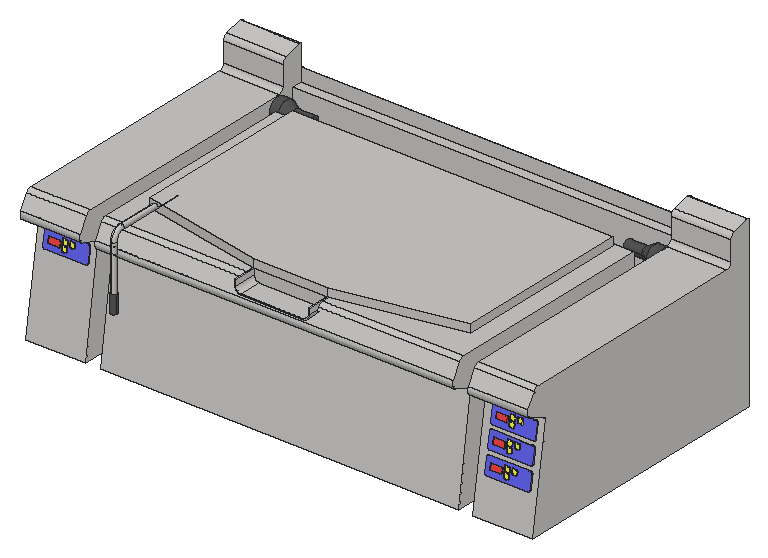
Revit family "QF_CAPIC_PILOTE_W296612", category Equipement spécialisé, Revit 2018
Family settings
  Cote de connecteur circulaire = Utiliser le diamètre
  Type d'élément = Normal
  Numéro OmniClass = 23.40.40.14
  Titre OmniClass = Food Service Equipment
  Basée sur le plan de construction = Non
  Toujours verticalement = Oui
  Couper avec des vides une fois chargée = Non
  Partagée = Non
  Point de calcul de pièce = Non
Parameters (values of type "1700 x 925 x 450 mm")
  URL catalogue = "http://www.capic-fr.com/fr/"
  Type de Raccord Plomberie [instance] = "Raccord 15/21"
  Type de Raccord Electrique [instance] = "Bornier interne"
  Type de Gaz = ""
  Type article [instance] = ""
  Tension = 230 V
  Spécification du Fabricant = ""
  Show Logo [instance] = yes
  Remarques evacuation [instance] = "Ecoulement dans caniveau"
  Remarques Plomberie [instance] = "Eau chaude + froide"
  Remarques Electricité [instance] = "230V x1 +T"
  Puissance électrique  = 500 W
  Puissance Gaz kW = 25
  Profondeur hors tout = 925 mm
  Pression Maximum Eau Adoucie = 0.0 Pa
  Pos Bec = Longueur hors tout / 2  # 850 mm
  Poids net à vide = 330.00 kg
  Pieds (Option X296001) [instance] = no
  Phase = 3
  Modèle = "W296612"
  Longueur hors tout = 1700 mm
  Intensité nominale = 0 A
  Hauteur hors tout = 570 mm
  Hauteur de Raccordement du Sol Finis = 550 mm
  Hauteur de Raccordement Gaz du Sol Finis = 400 mm
  Hauteur de Raccordement Evacuation Directe du Sol Finis = 0 mm
  Hauteur de Raccordement Eau Froide du Sol Finis = 600 mm
  Hauteur de Raccordement Eau Chaude du Sol Finis = 600 mm
  Hauteur de Raccordement Eau Adoucie du Sol Finis = 0 mm
  Fréquence = 50 Hz
  Fabricant = "CAPIC"
  Débit d'air d'extraction = 1350.0 m³/h
  Débit Gaz = 0.0 L/s
  Débit Eau Froide = 0.0 L/s
  Débit Eau Chaude = 0.0 L/s
  Débit Eau Adoucie = 0.0 L/s
  Diamètre de Raccordement Gaz = 20 mm
  Diamètre de Raccordement Evacuation = 0 mm
  Diamètre de Raccordement Eau Froide = 15 mm
  Diamètre de Raccordement Eau Chaude = 15 mm
  Diamètre de Raccordement Eau Adoucie = 0 mm
  Description = "Sauteuse multifonction 60dm2"
  Assembly Code = ""
  Classification  Omniclass nombre et titre = "23.40.40.14"
Reference planes
  plane 1 "Centre (avant/arrière)": y = 0
  plane 2: z = 0
  plane 3 "Centre (gauche/droite)": x = 1000
  plane 4: x = 1200
  plane 5: x = 2500
  plane 6: x = 2700
  plane 7: x = 1000
  plane 8: x = 1250
  plane 9: x = 2450
  plane 10: x = 2387
  plane 11: x = 1313
  plane 12: x = 1974
  plane 13: x = 1726
  plane 14: x = 2676
  plane 15: x = 1024
  plane 16: y = -690
  plane 17: x = 1333.6
  plane 18: x = 1850
  plane 19: y = -80
  plane 20: y = -757
  plane 21: x = 1100
  plane 22: x = 2600
Forms (mm)
  Extrusion 1, solid, material "QF_Stainless Steel-Brushed"
    sketch origin (2000, 0, 0) x (0, 1, 0) y (0, 0, 1)
      loop
        line (0, 450) -> (0, 1013.429)
        arc (0, 1013.429) -> (-0.782, 1015.016) -> (-2.518, 1015.361) r 2
        line (-2.518, 1015.361) -> (-57.918, 1000.516)
        arc (-57.918, 1000.516) -> (-68.074, 993.73) -> (-72, 982.164) r 19
        line (-72, 982.164) -> (-72, 917)
        arc (-72, 917) -> (-76.979, 904.979) -> (-89, 900) r 17
        line (-89, 900) -> (-879.289, 900)
        arc (-879.289, 900) -> (-889.289, 897.321) -> (-896.61, 890) r 20
        line (-896.61, 890) -> (-922.551, 845.067)
        arc (-922.551, 845.067) -> (-924.025, 828.227) -> (-912.071, 816.274) r 20
        line (-912.071, 816.274) -> (-852.584, 794.622)
        arc (-852.584, 794.622) -> (-849.467, 792.029) -> (-848.71, 788.045) r 6
        line (-848.71, 788.045) -> (-902.251, 450) -> (0, 450)
    from -1000 to -800
  Extrusion 2, solid, material "QF_Stainless Steel-Brushed"
    sketch origin (3640.271, 0, 0) x (0, 1, 0) y (0, 0, 1)
      loop
        line (0, 450) -> (0, 1013.429)
        arc (0, 1013.429) -> (-0.782, 1015.016) -> (-2.518, 1015.361) r 2
        line (-2.518, 1015.361) -> (-57.918, 1000.516)
        arc (-57.918, 1000.516) -> (-68.074, 993.73) -> (-72, 982.164) r 19
        line (-72, 982.164) -> (-72, 917)
        arc (-72, 917) -> (-76.979, 904.979) -> (-89, 900) r 17
        line (-89, 900) -> (-879.289, 900)
        arc (-879.289, 900) -> (-889.289, 897.321) -> (-896.61, 890) r 20
        line (-896.61, 890) -> (-922.551, 845.067)
        arc (-922.551, 845.067) -> (-924.025, 828.227) -> (-912.071, 816.274) r 20
        line (-912.071, 816.274) -> (-852.584, 794.622)
        arc (-852.584, 794.622) -> (-849.467, 792.029) -> (-848.71, 788.045) r 6
        line (-848.71, 788.045) -> (-902.251, 450) -> (0, 450)
    from -1140.271 to -940.271
  Extrusion 3, solid, material "QF_Stainless Steel-Brushed"
    sketch origin (2330, 0, 0) x (0, 1, 0) y (0, 0, 1)
      loop
        line (-167.8, 450) -> (-167.8, 900) -> (-879.289, 900)
        arc (-879.289, 900) -> (-889.289, 897.321) -> (-896.61, 890) r 20
        line (-896.61, 890) -> (-922.551, 845.067)
        arc (-922.551, 845.067) -> (-924.025, 828.227) -> (-912.071, 816.274) r 20
        line (-912.071, 816.274) -> (-852.584, 794.622)
        arc (-852.584, 794.622) -> (-849.467, 792.029) -> (-848.71, 788.045) r 6
        line (-848.71, 788.045) -> (-902.251, 450) -> (-167.8, 450)
    from -1080 to 120
  Extrusion 4, solid, material "QF_Stainless Steel-Brushed"
    sketch origin (2000, -494.162, -132.867) x (0, 1, 0) y (0, 0, 1)
      loop
        line (494.162, 1076.367) -> (492.662, 1076.367) -> (492.662, 1032.867) -> (455.662, 1032.867) -> (455.662, 849.104) -> (389.555, 764.49) -> (389.555, 582.867) -> (391.055, 582.867) -> (391.055, 763.974) -> (457.162, 848.587) -> (457.162, 1029.867) -> (494.162, 1029.867) -> (494.162, 1076.367)
    from -800 to 500
  Revolve 5, solid, material "QF_Plastic-Black"
    sketch origin (855.885, -1524, 865) x (-1, 0, 0) y (0, -1, 0)
      loop
        line (-344.115, -1459) -> (-344.115, -1424) -> (-468.115, -1424) -> (-468.115, -1442) -> (-407.115, -1442) -> (-377.115, -1459) -> (-344.115, -1459)
      axis (-344.115, -1424) -> (-468.115, -1424)
    angle from 0 to 360
  Revolve 6, solid, material "QF_Plastic-Black"
    sketch origin (3144.115, -1524, 865) x (1, 0, 0) y (0, 1, 0)
      loop
        line (-644.115, 1459) -> (-677.115, 1459) -> (-707.115, 1442) -> (-768.115, 1442) -> (-768.115, 1424) -> (-644.115, 1424) -> (-644.115, 1459)
      axis (-644.115, 1424) -> (-768.115, 1424)
    angle from 0 to 360
  Extrusion 7, solid, material "QF_Stainless Steel-Brushed"
    sketch origin (363.202, -132.622, 0) x (1, 0, 0) y (0, 1, 0)
      loop
        line (949.798, -43.378) -> (949.798, -639.378) -> (1362.798, -723.378) -> (1610.798, -723.378) -> (2023.798, -639.378) -> (2023.798, -43.378) -> (949.798, -43.378)
    from 900 to 928
  Extrusion 8, solid, material "QF_Stainless Steel-Brushed"
    sketch origin (2000, 0, 0) x (0, 1, 0) y (0, 0, 1)
      loop
        circle (-690, 670) r 45
    from -800 to -750
  Extrusion 9, solid, material "QF_Stainless Steel-Brushed"
    sketch origin (2000, 0, 0) x (0, 1, 0) y (0, 0, -1)
      loop
        circle (-690, -670) r 45
    from -500 to -450
  Sweep 10, solid, material "QF_Stainless Steel-Brushed"
    path origin (1333.6, 444.623, 4000) x (0, 1, 0) y (0, 0, 1)
      loop
        line (-1134.623, -3085) -> (-1364.623, -3085)
        arc (-1364.623, -3085) -> (-1385.836, -3093.787) -> (-1394.623, -3115) r 30
        line (-1394.623, -3115) -> (-1394.623, -3271.5)
    profile origin (1333.6, -805, 915) x (0, 0, -1) y (1, 0, 0)
      loop
        circle (0, 0) r 8
  Extrusion 11, solid, material "QF_Stainless Steel-Brushed"
    sketch origin (1703.331, 0, -242.806) x (1, 0, 0) y (0, 0, 1)
      loop
        line (21.669, 1142.806) -> (21.669, 1122.806)
        arc (21.669, 1122.806) -> (27.527, 1108.664) -> (41.669, 1102.806) r 20
        line (41.669, 1102.806) -> (251.669, 1102.806)
        arc (251.669, 1102.806) -> (265.811, 1108.664) -> (271.669, 1122.806) r 20
        line (271.669, 1122.806) -> (271.669, 1142.806) -> (268.669, 1142.806) -> (268.669, 1122.806)
        arc (268.669, 1122.806) -> (263.69, 1110.786) -> (251.669, 1105.806) r 17
        line (251.669, 1105.806) -> (41.669, 1105.806)
        arc (41.669, 1105.806) -> (29.648, 1110.786) -> (24.669, 1122.806) r 17
        line (24.669, 1122.806) -> (24.669, 1142.806) -> (21.669, 1142.806)
    from 856 to 932
  Extrusion 12, void
    sketch origin (2000, 0, 0) x (1, 0, 0) y (0, 0, 1)
      loop
        line (-275, 900) -> (-275, 880)
        arc (-275, 880) -> (-269.142, 865.858) -> (-255, 860) r 20
        line (-255, 860) -> (-45, 860)
        arc (-45, 860) -> (-30.858, 865.858) -> (-25, 880) r 20
        line (-25, 880) -> (-25, 900) -> (-275, 900)
    from 856 to 932
  Extrusion 13, solid, material "QF_Plastic-Black"
    sketch origin (2000, 0, 0) x (1, 0, 0) y (0, 1, 0)
      loop
        circle (-666.4, -949.574) r 10
    from 670 to 728.5
  Revolve 14, solid, material "QF_Stainless Steel-Brushed", visible <- "Pieds (Option X296001)"
    sketch origin (1100, -1524, 1213.106) x (0, 0, 1) y (0, -1, 0)
      loop
        line (-763.106, -1488) -> (-763.106, -1444) -> (-1213.106, -1444) -> (-1213.106, -1484) -> (-1205.106, -1484) -> (-1188.792, -1452) -> (-1143.106, -1452) -> (-1143.106, -1488) -> (-763.106, -1488)
      axis (-1213.106, -1444) -> (-763.106, -1444)
    angle from 0 to 360
  Revolve 15, solid, material "QF_Stainless Steel-Brushed", visible <- "Pieds (Option X296001)"
    sketch origin (2600, -1524, 1373.181) x (0, 0, 1) y (0, -1, 0)
      loop
        line (-923.181, -1488) -> (-923.181, -1444) -> (-1373.181, -1444) -> (-1373.181, -1484) -> (-1365.181, -1484) -> (-1348.866, -1452) -> (-1303.181, -1452) -> (-1303.181, -1488) -> (-923.181, -1488)
      axis (-1373.181, -1444) -> (-923.181, -1444)
    angle from 0 to 360
  Revolve 16, solid, material "QF_Stainless Steel-Brushed", visible <- "Pieds (Option X296001)"
    sketch origin (1100, -2201, 1213.106) x (0, 0, 1) y (0, -1, 0)
      loop
        line (-763.106, -1488) -> (-763.106, -1444) -> (-1213.106, -1444) -> (-1213.106, -1484) -> (-1205.106, -1484) -> (-1188.792, -1452) -> (-1143.106, -1452) -> (-1143.106, -1488) -> (-763.106, -1488)
      axis (-1213.106, -1444) -> (-763.106, -1444)
    angle from 0 to 360
  Revolve 17, solid, material "QF_Stainless Steel-Brushed", visible <- "Pieds (Option X296001)"
    sketch origin (2600, -2201, 1373.181) x (0, 0, 1) y (0, -1, 0)
      loop
        line (-923.181, -1488) -> (-923.181, -1444) -> (-1373.181, -1444) -> (-1373.181, -1484) -> (-1365.181, -1484) -> (-1348.866, -1452) -> (-1303.181, -1452) -> (-1303.181, -1488) -> (-923.181, -1488)
      axis (-1373.181, -1444) -> (-923.181, -1444)
    angle from 0 to 360
Cuts and joins
  Extrusion 12 cuts Extrusion 3
Lines and regions (mm)
  symbolic lines, style "SpecialityEquipment"
    curve 1: line (1000, -58.953, 1085.565) -> (1000, -118.218, 1762.978)
    curve 2: line (1000, -86.846, 1083.125) -> (1000, -58.953, 1085.565)
    curve 3: line (1000, -146.112, 1760.537) -> (1000, -86.846, 1083.125)
    curve 4: line (1000, -118.218, 1762.978) -> (1000, -146.112, 1760.537)
    curve 5: line (1000, -303.472, 1838.118) -> (1000, -168.986, 1849.884)
    curve 6: line (1000, -302.078, 1822.179) -> (1000, -167.591, 1833.945)
    curve 7: line (1000, -139.139, 1761.148) -> (1000, -143.758, 1813.946)
    curve 8: line (1000, -123.199, 1762.542) -> (1000, -127.819, 1815.34)
    curve 9: arc (1000, -167.591, 1833.945) -> (1000, -151.533, 1828.881) -> (1000, -143.758, 1813.946) r 22
    curve 10: arc (1000, -168.986, 1849.884) -> (1000, -141.248, 1841.138) -> (1000, -127.819, 1815.34) r 38
    curve 13: line (0, -370.766, 1804.123) -> (0, -301.686, 1817.696)
    curve 15: line (1000, -303.472, 1838.118) -> (1000, -303.864, 1842.601)
    curve 16: line (1000, -301.686, 1817.696) -> (1000, -302.078, 1822.179)
  symbolic lines, style "SpecialityEquipmentHiddenLines"
    curve 11: arc (1000, -179.175, 1755.536) -> (1000, -670.405, 1488.997) -> (1000, -885.671, 973.235) r 840
    curve 12: line (0, -303.864, 1842.601) -> (0, -374.252, 1843.971)
    curve 14: arc (0, -374.252, 1843.971) -> (0, -392.433, 1822.304) -> (0, -370.766, 1804.123) r 20
Dimensions and locks
  locked: plane 5 to plane 6 at 200
  locked: plane 7 to plane 4 at 200
  "Longueur hors tout": plane 7 to plane 6
  locked: plane 4 to plane 8 at 50
  locked: plane 9 to plane 5 at 50
  locked: plane 8 to plane 11 at 63
  locked: plane 10 to plane 9 at 63
  locked: plane 13 to plane 12 at 248
  locked: plane 6 to plane 14 at 24
  locked: plane 7 to plane 15 at 24
  locked: plane 8 to plane 17 at 83.6
  "Pos Bec": plane 7 to plane 18
  equal spacing: plane 13, plane 18, plane 12
  locked: plane 19 to plane 1 "Centre (avant/arrière)" at 80
  locked: plane 20 to plane 19 at 677
  locked: plane 21 to plane 7 at 100
  locked: plane 6 to plane 22 at 100
  aligned and locked: level to plane 2
  aligned and locked: plane 4 to Extrusion 1
  aligned and locked: plane 6 to Extrusion 2
  aligned and locked: Extrusion 1 to plane 7
  aligned and locked: Extrusion 2 to plane 5
  aligned and locked: Extrusion 3 to plane 8
  aligned and locked: plane 9 to Extrusion 3
  aligned and locked: plane 5 to Extrusion 4
  aligned and locked: Extrusion 4 to plane 4
  aligned and locked: Extrusion 4 to Extrusion 7
  aligned and locked: plane 11 to Extrusion 7
  aligned and locked: plane 10 to Extrusion 7
  aligned and locked: plane 13 to Extrusion 7 sketch curve
  aligned and locked: plane 12 to Extrusion 7 sketch curve
  aligned and locked: Extrusion 8 to plane 4
  aligned and locked: Extrusion 8 to Extrusion 3
  aligned and locked: plane 5 to Extrusion 9
  aligned and locked: Extrusion 9 to plane 9
  aligned and locked: plane 17 to Extrusion 13 sketch curve
  aligned and locked: Extrusion 13 to Sweep 10
  aligned and locked: nested 1 to plane 15
  aligned and locked: nested 2 to plane 14
  aligned and locked: plane 19 to Revolve 14 sketch curve  (x2)
  aligned and locked: nested 3 to plane 14
  aligned and locked: nested 4 to plane 14
Automatic sketch dimensions
  curve 9 to curve 10 = 0 mm  (x2)
  curve 15 to plane 19 = 223.472 mm
  curve 5 to curve 16 = 1.394 mm
  curve 5 to plane 19 = 88.986 mm
  curve 10 to curve 6 = 1.394 mm
  curve 9 to curve 9 = 1.917 mm
  curve 9 to curve 3 = 19.562 mm
  curve 9 to curve 7 = 21.916 mm
  curve 7 to curve 8 = 15.939 mm
  curve 3 to curve 4 = 27.893 mm
  curve 2 to plane 19 = 6.846 mm
  plane 19 to curve 11 = 33 mm
  level to curve 11 = 926 mm
  curve 11 to curve 2 = 157.125 mm
  curve 2 to curve 2 = 2.44 mm
  curve 3 to curve 10 = 51.491 mm
  curve 9 to curve 7 = 1.917 mm
  curve 7 to curve 8 = 1.394 mm
  curve 6 to curve 9 = 11.766 mm
  curve 6 to curve 15 = 15.939 mm
  curve 15 to curve 5 = 0.392 mm
  curve 11 to plane 20 = 128.671 mm
  curve 6 to curve 16 = 0.392 mm
  curve 11 to curve 3 = 33.063 mm
  curve 11 to curve 2 = 109.89 mm
  curve 12 to plane 19 = 294.252 mm
  curve 12 to curve 14 = 1.743 mm
  curve 14 to curve 13 = 1.743 mm
  level to curve 13 = 1804.123 mm
  curve 13 to curve 14 = 19.924 mm
  curve 12 to curve 12 = 70.387 mm
  curve 12 to curve 13 = 2.179 mm
  curve 13 to curve 13 = 13.572 mm
  curve 13 to curve 12 = 24.905 mm
  Extrusion 1 sketch curve to Extrusion 1 sketch curve = 2 mm
  Extrusion 1 sketch curve to Extrusion 1 sketch curve = 0.518 mm
  plane 19 to Extrusion 1 sketch curve = 27 mm
  Extrusion 1 sketch curve to Extrusion 1 sketch curve = 4.918 mm
  plane 19 to Extrusion 1 sketch curve = 8 mm
  Extrusion 1 sketch curve to plane 19 = 9 mm
  Extrusion 1 sketch curve to plane 20 = 91.71 mm
  Extrusion 1 sketch curve to Extrusion 1 sketch curve = 3.874 mm
  Extrusion 1 sketch curve to Extrusion 1 sketch curve = 2.052 mm
  Extrusion 1 sketch curve to Extrusion 1 sketch curve = 26.705 mm
  Extrusion 1 sketch curve to Extrusion 1 sketch curve = 17.321 mm  (x2)
  Extrusion 1 sketch curve to plane 20 = 145.251 mm
  Extrusion 1 sketch curve to Extrusion 1 sketch curve = 25.942 mm
  Extrusion 1 sketch curve to Extrusion 1 sketch curve = 6.84 mm
  Extrusion 1 sketch curve to Extrusion 1 sketch curve = 338.045 mm
  Extrusion 1 sketch curve to Extrusion 1 sketch curve = 0.939 mm
  Extrusion 1 sketch curve to Extrusion 1 sketch curve = 21.652 mm
  Extrusion 1 sketch curve to Extrusion 1 sketch curve = 18.794 mm
  Extrusion 1 sketch curve to Extrusion 1 sketch curve = 44.933 mm
  Extrusion 1 sketch curve to Extrusion 1 sketch curve = 10 mm
  Extrusion 1 sketch curve to Extrusion 1 sketch curve = 65.164 mm
  Extrusion 1 sketch curve to Extrusion 1 sketch curve = 12.913 mm
  Extrusion 2 sketch curve to Extrusion 2 sketch curve = 2 mm
  Extrusion 2 sketch curve to Extrusion 2 sketch curve = 0.518 mm
  plane 19 to Extrusion 2 sketch curve = 27 mm
  Extrusion 2 sketch curve to Extrusion 2 sketch curve = 4.918 mm
  plane 19 to Extrusion 2 sketch curve = 8 mm
  Extrusion 2 sketch curve to plane 19 = 9 mm
  Extrusion 2 sketch curve to plane 20 = 91.71 mm
  Extrusion 2 sketch curve to Extrusion 2 sketch curve = 3.874 mm
  Extrusion 2 sketch curve to Extrusion 2 sketch curve = 2.052 mm
  Extrusion 2 sketch curve to Extrusion 2 sketch curve = 26.705 mm
  Extrusion 2 sketch curve to Extrusion 2 sketch curve = 17.321 mm  (x2)
  Extrusion 2 sketch curve to plane 20 = 145.251 mm
  Extrusion 2 sketch curve to Extrusion 2 sketch curve = 25.942 mm
  Extrusion 2 sketch curve to Extrusion 2 sketch curve = 6.84 mm
  Extrusion 2 sketch curve to Extrusion 2 sketch curve = 338.045 mm
  Extrusion 2 sketch curve to Extrusion 2 sketch curve = 0.939 mm
  Extrusion 2 sketch curve to Extrusion 2 sketch curve = 21.652 mm
  Extrusion 2 sketch curve to Extrusion 2 sketch curve = 18.794 mm
  Extrusion 2 sketch curve to Extrusion 2 sketch curve = 44.933 mm
  Extrusion 2 sketch curve to Extrusion 2 sketch curve = 10 mm
  Extrusion 2 sketch curve to Extrusion 2 sketch curve = 65.164 mm
  Extrusion 2 sketch curve to Extrusion 2 sketch curve = 12.913 mm
  Extrusion 3 sketch curve to plane 20 = 165.551 mm
  Extrusion 3 sketch curve to Extrusion 3 sketch curve = 10.48 mm
  Extrusion 3 sketch curve to Extrusion 3 sketch curve = 17.321 mm  (x2)
  Extrusion 3 sketch curve to plane 20 = 145.251 mm
  Extrusion 3 sketch curve to Extrusion 3 sketch curve = 25.942 mm
  Extrusion 3 sketch curve to Extrusion 3 sketch curve = 57.435 mm
  Extrusion 3 sketch curve to Extrusion 3 sketch curve = 2.052 mm
  Extrusion 3 sketch curve to Extrusion 3 sketch curve = 5.926 mm
  Extrusion 3 sketch curve to plane 19 = 87.8 mm
  level to Extrusion 3 sketch curve = 450 mm
  Extrusion 3 sketch curve to Extrusion 3 sketch curve = 338.045 mm
  Extrusion 3 sketch curve to Extrusion 3 sketch curve = 0.939 mm
  Extrusion 3 sketch curve to Extrusion 3 sketch curve = 21.652 mm
  Extrusion 3 sketch curve to Extrusion 3 sketch curve = 18.794 mm
  Extrusion 3 sketch curve to Extrusion 3 sketch curve = 44.933 mm
  Extrusion 3 sketch curve to Extrusion 3 sketch curve = 10 mm
  Extrusion 4 sketch curve to plane 1 "Centre (avant/arrière)" = 0 mm
  Extrusion 4 sketch curve to Extrusion 4 sketch curve = 1.5 mm  (x3)
  Extrusion 4 sketch curve to Extrusion 4 sketch curve = 35.5 mm
  Extrusion 4 sketch curve to plane 19 = 23.107 mm
  level to Extrusion 4 sketch curve = 450 mm
  Extrusion 4 sketch curve to Extrusion 4 sketch curve = 181.107 mm
  Extrusion 4 sketch curve to Extrusion 4 sketch curve = 0.516 mm  (x2)
  Extrusion 4 sketch curve to Extrusion 4 sketch curve = 84.613 mm
  Extrusion 4 sketch curve to Extrusion 4 sketch curve = 180.763 mm
  Extrusion 4 sketch curve to Extrusion 4 sketch curve = 3 mm
  Extrusion 4 sketch curve to Extrusion 4 sketch curve = 43.5 mm
  Revolve 5 sketch curve to plane 4 = 0 mm  (x2)
  Revolve 5 sketch curve to plane 8 = 17 mm
  Revolve 5 sketch curve to plane 19 = 2 mm
  plane 8 to Revolve 5 sketch curve = 13 mm
  Revolve 5 sketch curve to plane 17 = 9.6 mm
  plane 19 to Revolve 5 sketch curve = 15 mm
  Revolve 5 sketch curve to Revolve 5 sketch curve = 18 mm
  Revolve 5 sketch curve to Revolve 5 sketch curve = 0 mm  (x2)
  Revolve 6 sketch curve to plane 5 = 0 mm  (x2)
  plane 9 to Revolve 6 sketch curve = 17 mm
  Revolve 6 sketch curve to plane 19 = 2 mm
  Revolve 6 sketch curve to plane 9 = 13 mm
  plane 10 to Revolve 6 sketch curve = 11 mm
  Revolve 6 sketch curve to Revolve 6 sketch curve = 18 mm
  plane 19 to Revolve 6 sketch curve = 15 mm
  Revolve 6 sketch curve to Revolve 6 sketch curve = 0 mm  (x2)
  Extrusion 7 sketch curve to plane 11 = 0 mm
  Extrusion 7 sketch curve to plane 10 = 0 mm
  Extrusion 7 sketch curve to plane 20 = 99 mm
  Extrusion 7 sketch curve to plane 20 = 15 mm  (x2)
  Extrusion 7 sketch curve to plane 19 = 96 mm
  Extrusion 8 sketch curve to plane 16 = 0 mm
  level to Extrusion 8 sketch curve = 670 mm
  Extrusion 9 sketch curve to plane 16 = 0 mm
  level to Extrusion 9 sketch curve = 670 mm
  Sweep 10 sketch curve to plane 16 = 0 mm
  Sweep 10 sketch curve to plane 20 = 163 mm
  Sweep 10 sketch curve to Sweep 10 sketch curve = 30 mm
  level to Sweep 10 sketch curve = 885 mm
  Sweep 10 sketch curve to Sweep 10 sketch curve = 156.5 mm
  Sweep 10 sketch curve to plane 17 = 0 mm
  Sweep 10 sketch curve to profile plane = 0 mm
  Extrusion 11 sketch curve to Extrusion 11 sketch curve = 0 mm  (x4)
  plane 13 to Extrusion 11 sketch curve = 1 mm
  Extrusion 11 sketch curve to plane 13 = 2 mm
  Extrusion 11 sketch curve to Extrusion 11 sketch curve = 17 mm
  plane 12 to Extrusion 11 sketch curve = 19 mm
  plane 12 to Extrusion 11 sketch curve = 2 mm
  level to Extrusion 11 sketch curve = 860 mm
  Extrusion 11 sketch curve to Extrusion 11 sketch curve = 20 mm  (x2)
  plane 13 to Extrusion 12 sketch curve = 1 mm
  Extrusion 12 sketch curve to plane 13 = 19 mm
  plane 12 to Extrusion 12 sketch curve = 19 mm
  Extrusion 12 sketch curve to plane 12 = 1 mm
  level to Extrusion 12 sketch curve = 860 mm
  Extrusion 12 sketch curve to Extrusion 12 sketch curve = 20 mm
  Extrusion 13 sketch curve to plane 20 = 192.574 mm
  Revolve 14 sketch curve to level = 0 mm
  level to Revolve 14 sketch curve = 8 mm
  plane 19 to Revolve 14 sketch curve = 8 mm
  level to Revolve 14 sketch curve = 24.315 mm
  Revolve 14 sketch curve to Revolve 14 sketch curve = 45.685 mm
  plane 1 "Centre (avant/arrière)" to Revolve 14 sketch curve = 36 mm
  Revolve 14 sketch curve to Revolve 14 sketch curve = 380 mm
  Revolve 14 sketch curve to Revolve 14 sketch curve = 40 mm
  Revolve 14 sketch curve to Revolve 14 sketch curve = 20 mm
  Revolve 14 sketch curve to Revolve 14 sketch curve = 120 mm
  Revolve 15 sketch curve to level = 0 mm
  Revolve 15 sketch curve to plane 19 = 0 mm  (x2)
  level to Revolve 15 sketch curve = 8 mm
  plane 19 to Revolve 15 sketch curve = 8 mm
  level to Revolve 15 sketch curve = 24.315 mm
  Revolve 15 sketch curve to Revolve 15 sketch curve = 45.685 mm
  plane 1 "Centre (avant/arrière)" to Revolve 15 sketch curve = 36 mm
  Revolve 15 sketch curve to Revolve 15 sketch curve = 380 mm
  Revolve 15 sketch curve to Revolve 15 sketch curve = 40 mm
  Revolve 15 sketch curve to Revolve 15 sketch curve = 20 mm
  Revolve 15 sketch curve to Revolve 15 sketch curve = 120 mm
  Revolve 16 sketch curve to level = 0 mm
  Revolve 16 sketch curve to plane 20 = 0 mm  (x2)
  Revolve 16 sketch curve to Revolve 16 sketch curve = 8 mm
  plane 20 to Revolve 16 sketch curve = 8 mm
  level to Revolve 16 sketch curve = 24.315 mm
  Revolve 16 sketch curve to Revolve 16 sketch curve = 45.685 mm
  Revolve 16 sketch curve to plane 16 = 23 mm
  Revolve 16 sketch curve to Revolve 16 sketch curve = 380 mm
  Revolve 16 sketch curve to plane 16 = 27 mm
  Revolve 16 sketch curve to Revolve 16 sketch curve = 20 mm
  Revolve 16 sketch curve to Revolve 16 sketch curve = 120 mm
  Revolve 17 sketch curve to level = 0 mm
  Revolve 17 sketch curve to plane 20 = 0 mm  (x2)
  level to Revolve 17 sketch curve = 8 mm
  plane 20 to Revolve 17 sketch curve = 8 mm
  level to Revolve 17 sketch curve = 24.315 mm
  Revolve 17 sketch curve to Revolve 17 sketch curve = 45.685 mm
  Revolve 17 sketch curve to plane 16 = 23 mm
  Revolve 17 sketch curve to Revolve 17 sketch curve = 380 mm
  Revolve 17 sketch curve to plane 16 = 27 mm
  Revolve 17 sketch curve to Revolve 17 sketch curve = 20 mm
  Revolve 17 sketch curve to Revolve 17 sketch curve = 120 mm
  plane 1 "Centre (avant/arrière)" to Extrusion 1 sketch curve = 0 mm
  level to Extrusion 1 sketch curve = 450 mm
  plane 1 "Centre (avant/arrière)" to Extrusion 2 sketch curve = 0 mm
  level to Extrusion 2 sketch curve = 450 mm
  radius of Extrusion 8 sketch curve = 45 mm
  radius of Extrusion 9 sketch curve = 45 mm
  radius of Sweep 10 sketch curve = 8 mm
  radius of Extrusion 13 sketch curve = 10 mm
Nested families
  nested 1: "QF_Details_CarteCde" at (1024, 1.452, 0), type "QF_Details_CarteCde"
  nested 2: "QF_Details_CarteCde" at (2524, 1.452, 0), type "QF_Details_CarteCde"
  nested 3: "QF_Details_CarteCde" at (2524, -10, -71.736), type "QF_Details_CarteCde"
  nested 4: "QF_Details_CarteCde" at (2524, -21.381, -144.163), type "QF_Details_CarteCde"
Definition of nested family "QF_Details_CarteCde"
  Reference planes
    plane 1 "Centre (avant/arrière)": y = 0
    plane 2: z = 0
    plane 3 "Centre (gauche/droite)": x = 0
  Forms (mm)
    Extrusion 1, solid
      sketch origin (0, -975.563, -3.706) x (1, 0, 0) y (0, 0.156434, 0.987688)
        loop
          arc (7, 787.388) -> (2.05, 785.338) -> (0, 780.388) r 7
          line (0, 780.388) -> (0, 735.388)
          arc (0, 735.388) -> (2.05, 730.439) -> (7, 728.388) r 7
          line (7, 728.388) -> (145, 728.388)
          arc (145, 728.388) -> (149.95, 730.439) -> (152, 735.388) r 7
          line (152, 735.388) -> (152, 780.388)
          arc (152, 780.388) -> (149.95, 785.338) -> (145, 787.388) r 7
          line (145, 787.388) -> (7, 787.388)
        loop
          line (15, 767.388) -> (15, 748.388) -> (54, 748.388) -> (54, 767.388) -> (15, 767.388)
        loop
          line (74, 776.917) -> (61, 776.917) -> (61, 763.917)
          arc (61, 763.917) -> (62.172, 761.089) -> (65, 759.917) r 4
          line (65, 759.917) -> (78, 759.917) -> (78, 772.917)
          arc (78, 772.917) -> (76.828, 775.745) -> (74, 776.917) r 4
        loop
          line (99, 776.917) -> (86, 776.917) -> (86, 763.917)
          arc (86, 763.917) -> (87.172, 761.089) -> (90, 759.917) r 4
          line (90, 759.917) -> (103, 759.917) -> (103, 772.917)
          arc (103, 772.917) -> (101.828, 775.745) -> (99, 776.917) r 4
        loop
          line (74, 756.917) -> (61, 756.917) -> (61, 743.917)
          arc (61, 743.917) -> (62.172, 741.089) -> (65, 739.917) r 4
          line (65, 739.917) -> (78, 739.917) -> (78, 752.917)
          arc (78, 752.917) -> (76.828, 755.745) -> (74, 756.917) r 4
      from 0 to 0.5
    Extrusion 2, solid
      sketch origin (0, -973.53, 9.132) x (1, 0, 0) y (0, 0.156434, 0.987688)
        loop
          line (15, 754.391) -> (15, 735.391) -> (54, 735.391) -> (54, 754.391) -> (15, 754.391)
      from 0 to 0.5
    Extrusion 3, solid
      sketch origin (0, -973.53, 9.132) x (1, 0, 0) y (0, 0.156434, 0.987688)
        loop
          line (61, 763.919) -> (61, 750.919)
          arc (61, 750.919) -> (62.172, 748.091) -> (65, 746.919) r 4
          line (65, 746.919) -> (78, 746.919) -> (78, 759.919)
          arc (78, 759.919) -> (76.828, 762.748) -> (74, 763.919) r 4
          line (74, 763.919) -> (61, 763.919)
      from 0 to 0.5
    Extrusion 4, solid
      sketch origin (0, -976.658, -10.622) x (1, 0, 0) y (0, 0.156434, 0.987688)
        loop
          line (61, 763.919) -> (61, 750.919)
          arc (61, 750.919) -> (62.172, 748.091) -> (65, 746.919) r 4
          line (65, 746.919) -> (78, 746.919) -> (78, 759.919)
          arc (78, 759.919) -> (76.828, 762.748) -> (74, 763.919) r 4
          line (74, 763.919) -> (61, 763.919)
      from 0 to 0.5
    Extrusion 5, solid
      sketch origin (25, -973.53, 9.132) x (1, 0, 0) y (0, 0.156434, 0.987688)
        loop
          line (61, 763.919) -> (61, 750.919)
          arc (61, 750.919) -> (62.172, 748.091) -> (65, 746.919) r 4
          line (65, 746.919) -> (78, 746.919) -> (78, 759.919)
          arc (78, 759.919) -> (76.828, 762.748) -> (74, 763.919) r 4
          line (74, 763.919) -> (61, 763.919)
      from 0 to 0.5
  Dimensions and locks
    aligned and locked: level to plane 2
